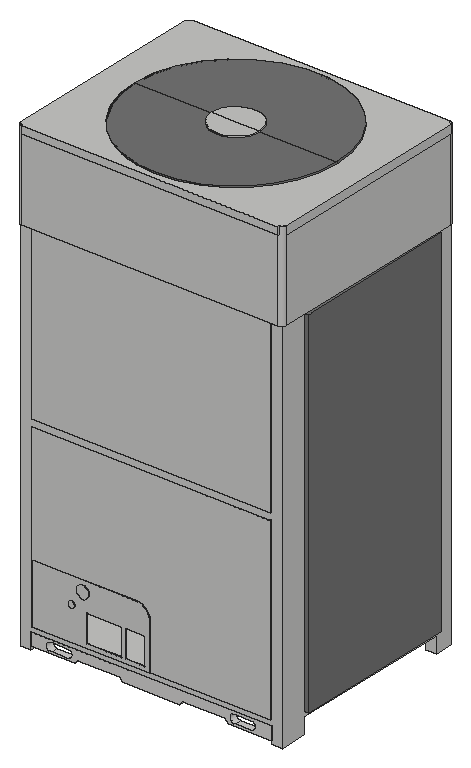
Revit family "Heat_Pump-Split_System-Outdoor-JCI-Single_Unit-6-16 _ton-Heat_Recovery", category Mechanical Equipment, Revit 2014 (continued)
Connectors (in)
  electrical at (-9.6875, -15.0005, 9.9375), driven by "Number of Poles", driven by "Load Classification", driven by "Voltage", driven by "Apparent Load", driven by "Power Factor"
    settings: on Extrusion 16, index 8, voltage 208 V, apparent load 7540 VA, apparent load phase1 0 VA, apparent load phase2 0 VA, apparent load phase3 0 VA, power factor 0.8, load classification "HVAC", number of poles 2, system type 30, power factor state 1, is connector primary no, connector utility no, sub classification motor no, connector description "Power"
  cabletrayconduit at (-9.6875, -15.0005, 9.9375), diameter 1.75, driven by "KO Power Diameter"
    settings: on Extrusion 16, index 9, connector width 12", connector height 12", connector angle 0.00°, system type 32, placement type 0, profile type 0, connector reference index -1, is primary connector no, connector utility param no, connector description "Power Conduit"
Definition of nested family "JCI - Fan to be nested"
  Parameters (values of type "Standard")
    Shroud Radius = Shroud Diameter / 2  # 14 3/8"
    Shroud Material = Metal - JCI - Grille SU
    Shroud Height = 1 1/4"
    Shroud Diameter = 28 3/4"
    Shroud Cap Radius = Shroud Cap Diameter / 2  # 3 3/8"
    Offset = 0"
    Length 3 = (Shroud Radius - Shroud Cap Radius) * 3 / 3  # 11"
    Length 2 = (Shroud Radius - Shroud Cap Radius) * 2 / 3  # 7.33333"
    Length 1 = (Shroud Radius - Shroud Cap Radius) * 1 / 3  # 3.66667"
    Fan Radius = Fan Diameter / 2  # 13 21/32"
    Fan Material = Image - JCI - Fan
    Fan Diameter = Shroud Diameter * 0.95  # 27 5/16"
    Shroud Cap Diameter = 6 3/4"
    Cap Material = Paint - JCI - Silky Shade SU
  Reference planes (in)
    plane 1 "Center (Front/Back)": y = 0
    plane 2: z = 0
    plane 3 "Center (Left/Right)": x = 0
    plane 4 "Bottom": z = 0
    plane 5 "Top": z = 1.25
    plane 6 "fan top": z = 0.125
  Forms (in)
    Extrusion 1, solid, material "Image - JCI - Fan" <- "Fan Material", detail levels medium+fine
      sketch origin (0, 0, 0) x (1, 0, 0) y (0, 1, 0)
        loop
          circle (0, 0) r 13.65625
      from 0 to 0.125
    Revolve 2, solid, material "Metal - JCI - Grille SU" <- "Shroud Material", detail levels fine
      sketch origin (0, 0, 0) x (1, 0, 0) y (0, 0, 1)
        loop
          line (0, 1.25) -> (-3.375, 1.25) -> (-3.375, 1.125) -> (-14.375, 1.125) -> (-14.375, 0) -> (-14.275, 0) -> (-14.275, 1.025) -> (-0.15, 1.025) -> (-0.15, 0.125) -> (0, 0.125) -> (0, 1.25)
        axis (0, 1.25) -> (0, 0)
      angle from 0 to 360
  Lines and regions (in)
    symbolic lines, detail levels fine
      curve 1: circle (0, 0, 0) r 3.375 normal (0, 0, 1)
      curve 2: circle (0, 0, 0) r 3.66667 normal (0, 0, 1)
      curve 3: circle (0, 0, 0) r 7.33333 normal (0, 0, 1)
      curve 5: circle (0, 0, 0) r 11 normal (0, 0, 1)
      curve 6: line (-3.375, 0, 0) -> (-14.375, 0, 0)
      curve 7: line (0, -3.375, 0) -> (0, -14.375, 0)
      curve 8: line (3.375, 0, 0) -> (14.375, 0, 0)
      curve 9: line (0, 3.375, 0) -> (0, 14.375, 0)
      curve 10: line (-2.38649, 2.38649, 0) -> (-10.16466, 10.16466, 0)
      curve 11: line (2.38649, 2.38649, 0) -> (10.16466, 10.16466, 0)
      curve 12: line (-2.38649, -2.38649, 0) -> (-10.16466, -10.16466, 0)
      curve 13: line (2.38649, -2.38649, 0) -> (10.16466, -10.16466, 0)
    symbolic lines, detail levels medium+fine
      curve 4: circle (0, 0, 0) r 14.375 normal (0, 0, 1)
  Dimensions and locks (in)
    "Shroud Height": plane 5 "Top" to plane 4 "Bottom"
    plane 4 "Bottom" to level = 0"
    locked: plane 6 "fan top" to plane 4 "Bottom" at 0.125
    "Shroud Radius": Revolve 2 sketch curve to Revolve 2 sketch curve
    locked: plane 5 "Top" to Revolve 2 sketch curve at 0.125
    "Shroud Cap Radius": Revolve 2 sketch curve to Revolve 2 sketch curve
    locked: Revolve 2 sketch curve to Revolve 2 sketch curve at 0.1
    locked: Revolve 2 sketch curve to Revolve 2 sketch curve at 0.15
    "Fan Radius": radius of Extrusion 1 sketch curve
    "Shroud Cap Radius": radius of curve 1
    "Shroud Radius": radius of curve 4
    "Length 1": radius of curve 2
    "Length 2": radius of curve 3
    "Length 3": radius of curve 5
    locked: curve 13 to plane 1 "Center (Front/Back)" (angle 45.00°)
    locked: plane 1 "Center (Front/Back)" to curve 11 (angle 45.00°)
    locked: curve 10 to plane 1 "Center (Front/Back)" (angle 45.00°)
    locked: plane 1 "Center (Front/Back)" to curve 12 (angle 45.00°)
    aligned and locked: plane 2 to level
    aligned and locked: plane 3 "Center (Left/Right)" to Extrusion 1 sketch curve
    aligned and locked: plane 1 "Center (Front/Back)" to Extrusion 1 sketch curve
    aligned and locked: Extrusion 1 to plane 4 "Bottom"
    aligned and locked: Extrusion 1 to plane 6 "fan top"
    aligned and locked: Revolve 2 sketch curve to plane 3 "Center (Left/Right)"
    aligned and locked: Revolve 2 sketch curve to Revolve 2 sketch curve
    aligned and locked: Revolve 2 sketch curve to plane 5 "Top"
    aligned and locked: plane 4 "Bottom" to Revolve 2 sketch curve
    aligned and locked: Revolve 2 sketch curve to plane 6 "fan top"
    aligned and locked: plane 3 "Center (Left/Right)" to curve 1
    aligned and locked: plane 1 "Center (Front/Back)" to curve 1
    aligned and locked: plane 3 "Center (Left/Right)" to curve 4
    aligned and locked: plane 1 "Center (Front/Back)" to curve 4
    aligned and locked: plane 3 "Center (Left/Right)" to curve 2
    aligned and locked: plane 1 "Center (Front/Back)" to curve 2
    aligned and locked: plane 3 "Center (Left/Right)" to curve 3
    aligned and locked: plane 1 "Center (Front/Back)" to curve 3
    aligned and locked: plane 3 "Center (Left/Right)" to curve 5
    aligned and locked: plane 1 "Center (Front/Back)" to curve 5
  Automatic sketch dimensions
    Revolve 2 sketch curve to Revolve 2 sketch curve = 0.1"
    Revolve 2 sketch curve to level = 7.65209"
    Revolve 2 sketch curve to Revolve 2 sketch curve = 5.34791"
    curve 7 to plane 3 "Center (Left/Right)" = 0"
    curve 9 to plane 3 "Center (Left/Right)" = 0"
    plane 1 "Center (Front/Back)" to curve 8 = 0"
    plane 1 "Center (Front/Back)" to curve 6 = 0"
    curve 10 to plane 1 "Center (Front/Back)" = 2.38649"
    plane 1 "Center (Front/Back)" to curve 12 = 2.38649"
    curve 11 to plane 1 "Center (Front/Back)" = 2.38649"
    plane 1 "Center (Front/Back)" to curve 13 = 2.38649"
